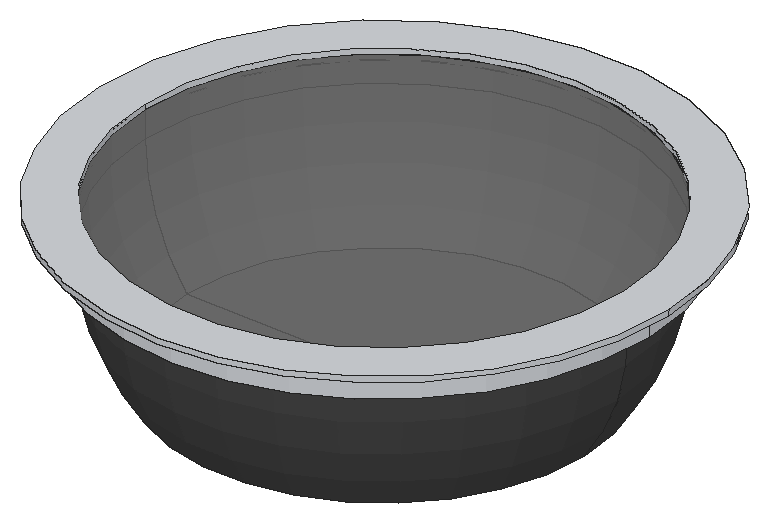
Revit family "3031816 Lighting Fixture_Sylvania_Syl-Lighter II_Ceiling Recessed", category Lighting Fixtures, host Face, Revit 2017
Family settings
  Host = Face
  Round Connector Dimension = Use Diameter
  Part Type = Normal
  OmniClass Number = 23.80.70.11.17
  OmniClass Title = Specialized Lighting by Location or Use
  Cut with Voids When Loaded = No
  Light Source = Yes
  Shared = No
  Room Calculation Point = No
Parameters (values of type "Syl-Lighter LED II 220 RO 21W WW")
  Weight = 0.60 kg
  Wattage = 18.847 W
  built-in parameter 1150110 = 1 (stored number, unit not read)
  Voltage Comments = "UNV (Universal Voltage; 220-240 Volt)"  # constant formula
  Voltage = 240 V  # constant formula
  URL = "http://www.sylvania-lighting.com"
  built-in parameter 1114217 = 1 (stored number, unit not read)
  Tilt Angle = -90.00°  # constant formula
  built-in parameter 1150109 = 1 (stored number, unit not read)
  built-in parameter 1150134 = (empty or 0)
  Ta Rating = "-10°C to +40°C"  # constant formula
  built-in parameter 1150113 = 1 (stored number, unit not read)
  Recessed Depth = Height  # 60.0 mm
  IP Rating = "IP44"  # constant formula
  IK Rating = "IK07"  # constant formula
  Energy Class = "A++, A+, A"  # constant formula
  Dimmable = "DALI"  # constant formula
  Catalog Number = "3031816 Syl-Lighter LED II 220 RO 21W WW"
  Body Material = Metal_Sylvania_Syl-Lighter LED II_Silver
  Product Page URL = "http://www.sylvania-lighting.com/product/en-int/products/3031816"
  Product Family = "SYL-LIGHTER LED II"  # constant formula
  Photometry Comments = ""
  Photometric Web File = "3031816_Syl-Lighter220LED21WWW-182064.ies"
  built-in parameter 1150105 = 1031.7 (stored number, unit not read)
  Lumens = 1785 lm
  built-in parameter 1150115 = 1 (stored number, unit not read)
  built-in parameter 1150137 = (empty or 0)
  built-in parameter 1150139 = (empty or 0)
  Life = "50 000h"  # constant formula
  built-in parameter 1150112 = 1 (stored number, unit not read)
  built-in parameter 1150114 = 1 (stored number, unit not read)
  Lamp Comments = "Integrated LED"
  built-in parameter 1150132 = 2
  built-in parameter 1150102 = (empty or 0)
  built-in parameter 1150107 = 3000 (stored number, unit not read)
  built-in parameter 1150138 = (empty or 0)
  built-in parameter 1150106 = 10.317 (stored number, unit not read)
  Glow Wire Test = 650 °C  # constant formula
  Emit from Circle Diameter = Diffuser Diameter  # 185.0 mm
  Emit Shape Visible in Rendering = no
  built-in parameter 1150104 = 8.7988 (stored number, unit not read)
  Drive Current = "450mA"
  Dimming Lamp Color Temperature Shift = <None>
  Diffuser Radius = Diffuser Diameter / 2  # 92.5 mm
  Diffuser Diameter = Diameter - 20.0 mm  # 185.0 mm
  Inner Diameter = Diameter - 4.0 mm  # 201.0 mm
  Cutout Diameter = Diameter  # 205.0 mm
  Color Filter = 16777215
  Beam Angle = 74.00°
  built-in parameter 1114218 = 1 (stored number, unit not read)
  built-in parameter 1150133 = 10 (stored number, unit not read)
  Height = 60.0 mm
  Electrical Protection = "CLASS II"  # constant formula
  built-in parameter 1114216 [instance] = 1 (stored number, unit not read)
  Model = "Syl-Lighter LED II 220 RO 21W WW"
  Manufacturer = "Feilo Sylvania"  # constant formula
  Lamp = "LED"
  Diffuser Material = Polycarbonate_Sylvania_Syl-Lighter LED II_Opal
  Description = "Syl-Lighter LED II is available in 4 different round body sizes: 165mm, 195mm, 220mm & 240mm Syl-Lighter LED II 165 12W delivers a 1,134 lumen output (4,000K) - perfect for 1x26W CFL replacement Syl-Lighter LED II 195 15W delivers a 1,480 lumen output (4,000K) - perfect for 1x32W/2x18W CFL replacement Syl-Lighter LED II 220 21W delivers a 1,989 lumen output (4,000K) - perfect for 1x42W CFL replacement Syl-Lighter LED II 240 25W delivers a 2,289 lumen output (4,000K)- perfect for 2x26W CFL replacement High efficacy up to 99lm/W (Syl-Lighter LED II 195 4,000K) IP44 rating allows for installation in applicable wet zone areas Choice of 3,000K (warm white) or 4,000K (neutral white) Shallow recess depth of <65mm Can replace existing large CFL downlights using a 225mm ceiling cut out (Syl-Lighter LED II 240) Energy efficient electronic gear including analogue 1-10V and DALI dimmable options IK07 polycarbonate diffuser allows for a wider light distribution than a reflector downlight, allowing for increased spacings between luminaires 3 hour emergency pack available (to be ordered in addition to the luminaire) Ideal for applications such as corridors, public WCs and back of house areas Quick and easy to install Loop in-Loop out facility with red push fit terminal block for quick wiring White bezel (RAL 9003) Energy Class: A++, A+, A Long lifetime: 50,000 hours life at L70 (L80: 30,000 hours, L90: 15,000 hours)"  # constant formula
  Default Elevation = 0.0 mm
  built-in parameter 1140040 [instance] = 1
  Assembly Code = "D5020200"
  Apparent Load Comments = ""
  Apparent Load = 21 VA
  Accessory Radius = Accessory Diameter / 2  # 110.0 mm
  Accessory Material = Aluminum_Sylvania_Syl-Lighter LED II_White_RAL 9003
  Diameter = 205.0 mm
  Accessory Diameter = 220.0 mm
Reference planes
  plane 1 "Center (Front/Back)": y = 0
  plane 2: z = 0
  plane 3 "Center (Left/Right)": x = 0
  plane 4 "Fixture Bottom": z = 2
  plane 5: z = -10
  plane 6 "Fixture Top": z = -60
  plane 7: z = -2
Forms (mm)
  Extrusion 1, void
    sketch origin (0, 0, 58) x (-1, 0, 0) y (0, -1, 0)
      loop
        circle (0, 0) r 102.5
    from -171 to -55
  Extrusion 2, solid, detail levels fine
    sketch origin (0, 0, 58) x (-1, 0, 0) y (0, -1, 0)
      loop
        circle (0, 0) r 102.5
      loop
        circle (0, 0) r 100.5
    from -68 to -58
  Extrusion 3, solid, detail levels fine
    sketch origin (0, 0, 58) x (-1, 0, 0) y (0, -1, 0)
      loop
        circle (0, 0) r 110
      loop
        circle (0, 0) r 92.5
    from -58 to -56
  Extrusion 4, solid, material "Polycarbonate_Sylvania_Syl-Lighter LED II_Opal" <- "Diffuser Material", detail levels fine
    sketch origin (0, 0, 58) x (-1, 0, 0) y (0, -1, 0)
      loop
        circle (0, 0) r 92.5
    from -60 to -58
  Revolve 5, solid, material "Metal_Sylvania_Syl-Lighter LED II_Silver" <- "Body Material", detail levels fine
    sketch origin (0, 0, 0) x (1, 0, 0) y (0, 0, 1)
      loop
        line (-92.5, 0) -> (-94.5, 0) -> (-94.5, -10)
        arc (-94.5, -10) -> (-90.134, -36.405) -> (-77.5, -60) r 82.029
        line (-77.5, -60) -> (0, -60) -> (0, -58) -> (-76.507, -58)
        arc (-76.507, -58) -> (-88.397, -35.297) -> (-92.5, -10) r 80.029
        line (-92.5, -10) -> (-92.5, 0)
      axis (0, -60) -> (0, 0)
    angle from 0 to 360
  Revolve 6, solid, material "Aluminum_Sylvania_Syl-Lighter LED II_White_RAL 9003" <- "Accessory Material", detail levels coarse+medium
    sketch origin (0, 0, 0) x (1, 0, 0) y (0, 0, 1)
      loop
        line (-110, 2) -> (-110, 0) -> (-102.5, 0) -> (-102.5, -10) -> (-94.5, -10)
        arc (-94.5, -10) -> (-90.134, -36.405) -> (-77.5, -60) r 82.029
        line (-77.5, -60) -> (0, -60) -> (0, 2) -> (-110, 2)
      axis (0, 2) -> (0, -60)
    angle from 0 to 360
Cuts and joins
  joined: Extrusion 2, Extrusion 3
Lines and regions (mm)
  Masking region 1
    outline origin (0, 0, 58) x (-1, 0, 0) y (0, -1, 0)
      loop
        circle (0, 0) r 110
  symbolic lines, detail levels fine
    curve 1: arc (-92.5, 0, 58) -> (0, 92.5, 58) -> (92.5, 0, 58) r 92.5
    curve 2: arc (92.5, 0, 58) -> (0, -92.5, 58) -> (-92.5, 0, 58) r 92.5
Dimensions and locks
  locked: plane 4 "Fixture Bottom" to plane 2 at 2
  locked: plane 2 to plane 5 at 10
  "Height": plane 2 to plane 6 "Fixture Top"
  locked: plane 2 to plane 7 at 2
  "Diffuser Radius": plane 3 "Center (Left/Right)" to Revolve 5 sketch curve
  locked: Revolve 5 sketch curve to Revolve 5 sketch curve at 2
  locked: Revolve 5 sketch curve to Revolve 5 sketch curve at 15
  "Accessory Radius": plane 3 "Center (Left/Right)" to Revolve 6 sketch curve
  Revolve 6 sketch curve to Revolve 6 sketch curve to Revolve 6 sketch curve to Revolve 6 sketch curve = 7.5 mm locked, 8.0 mm locked, 17.0 mm locked
  "Cutout Diameter": diameter of Extrusion 1 sketch curve
  "Diameter": diameter of Extrusion 2 sketch curve
  "Inner Diameter": diameter of Extrusion 2 sketch curve
  "Accessory Diameter": diameter of Extrusion 3 sketch curve
  "Diffuser Diameter": diameter of Extrusion 3 sketch curve
  "Diffuser Diameter": diameter of Extrusion 4 sketch curve
  "Accessory Diameter": diameter of Masking region 1 sketch curve
  aligned and locked: host face to plane 2
  aligned and locked: host face to level
  aligned and locked: plane 4 "Fixture Bottom" to Extrusion 3
  aligned and locked: Extrusion 3 to plane 2
  aligned and locked: Extrusion 2 to plane 5
  aligned and locked: plane 2 to Extrusion 2
  aligned and locked: Extrusion 4 to plane 7
  aligned and locked: plane 2 to Extrusion 4
  aligned and locked: Revolve 5 sketch curve to plane 2
  aligned and locked: plane 5 to Revolve 5 sketch curve  (x2)
  aligned and locked: Revolve 5 sketch curve to plane 3 "Center (Left/Right)"
  aligned and locked: plane 3 "Center (Left/Right)" to Revolve 5 sketch curve
  aligned and locked: Revolve 6 sketch curve to plane 5
  aligned and locked: Revolve 6 sketch curve to plane 2
  aligned and locked: Revolve 6 sketch curve to plane 4 "Fixture Bottom"
  aligned and locked: plane 3 "Center (Left/Right)" to Revolve 6 sketch curve
  aligned and locked: Revolve 6 sketch curve to plane 3 "Center (Left/Right)"
  aligned and locked: plane 3 "Center (Left/Right)" to imposter light
  aligned and locked: imposter light to plane 1 "Center (Front/Back)"
  aligned and locked: imposter light to plane 4 "Fixture Bottom"
  aligned and locked: curve 1 to cut or joined group of Extrusion 2, Extrusion 3
Automatic sketch dimensions
  host sketch curve to host sketch curve = 700.0 mm
  host sketch curve to host sketch curve = 620.0 mm
  plane 1 "Center (Front/Back)" to Extrusion 1 sketch curve = 0.0 mm
  Extrusion 1 sketch curve to plane 3 "Center (Left/Right)" = 0.0 mm
  Extrusion 2 sketch curve to Extrusion 2 sketch curve = 0.0 mm  (x2)
  plane 1 "Center (Front/Back)" to Extrusion 2 sketch curve = 0.0 mm
  Extrusion 2 sketch curve to plane 3 "Center (Left/Right)" = 0.0 mm
  Extrusion 3 sketch curve to Extrusion 3 sketch curve = 0.0 mm  (x2)
  plane 1 "Center (Front/Back)" to Extrusion 3 sketch curve = 0.0 mm
  Extrusion 3 sketch curve to plane 3 "Center (Left/Right)" = 0.0 mm
  plane 1 "Center (Front/Back)" to Extrusion 4 sketch curve = 0.0 mm
  Extrusion 4 sketch curve to plane 3 "Center (Left/Right)" = 0.0 mm
  Revolve 5 sketch curve to Revolve 5 sketch curve = 0.0 mm
  Revolve 5 sketch curve to plane 6 "Fixture Top" = 0.0 mm
  plane 6 "Fixture Top" to Revolve 5 sketch curve = 2.0 mm
  Revolve 5 sketch curve to Revolve 5 sketch curve = 17.111 mm
  plane 4 "Fixture Bottom" to Revolve 5 sketch curve = 20.889 mm
  Revolve 6 sketch curve to plane 6 "Fixture Top" = 0.0 mm
  Revolve 6 sketch curve to plane 6 "Fixture Top" = 63.885 mm
  Revolve 6 sketch curve to Revolve 6 sketch curve = 84.115 mm
  plane 1 "Center (Front/Back)" to Masking region 1 sketch curve = 0.0 mm
  Masking region 1 sketch curve to plane 3 "Center (Left/Right)" = 0.0 mm
Connectors
  electrical at (0, 0, -60), driven by "Apparent Load", driven by "Voltage"
    settings: on Revolve 5, index 1, voltage 240 V, apparent load 0 VA, apparent load phase1 21 VA, apparent load phase2 0 VA, apparent load phase3 0 VA, power factor 1, load classification "Lighting", number of poles 1, system type 31, power factor state 1, is connector primary yes, connector utility no, sub classification motor no, connector description ""
